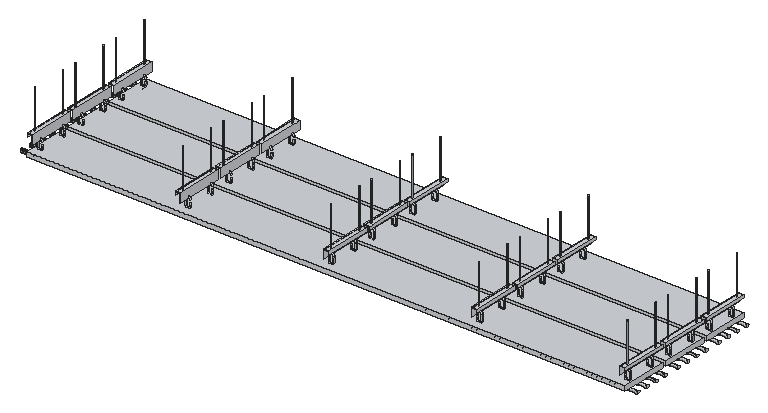
Revit family "INFRA_AQUA_ECO_TYPE_3", category Mechanical Equipment, Revit 2015
Parameters (values of type "Type 3 L=4000")
  Width_per_panel = 306 mm
  URL = "http://www.markclimate.co.uk/radiant-heating/water-supplied/infra-aqua-eco/"
  Total_panel_width [instance] = 968 mm
  Space_between_panels = 25 mm
  Product_serie = "INFRA AQUA ECO"  # constant formula
  Pipe_spacing = 75 mm
  Panelweight [instance] = 37.20 kg
  Panel_height = 42 mm
  Model = "Type 1"
  Material_index = 4
  Material = none
  Manufacturer = "MARK Climate Technology"  # constant formula
  Length = Material_index * 1000 mm  # 4000 mm
  Last_panel [instance] = no
  Ifc_Export_type = "RADIATOR"  # constant formula
  Ifc_Export_as = "IfcSpaceHeater"  # constant formula
  Ifc_Description = "Radiant heater, waterfed, type INFRA AQUA ECO"  # constant formula
  Hook_panel = 28.302 mm
  Heating_load = 0 W
  Hanger_downforce_per_anchor [instance] = 12.16 kN
  First_panel [instance] = no
  Description = "Radiant heater, waterfed, type INFRA AQUA ECO"  # constant formula
  Date_last_modification = ""
  Ceiling_height = 350 mm
Types (3, lengths in mm): name | Panelweight | Material_index | Material | Length | Hanger_downforce_per_anchor
  (no name) | 37.20 kg | 4 | none | 4000 | 12.16 kN
  Type 3 L=4000 | 37.20 kg | 4 | none | 4000 | 12.16 kN
  Type 3 L=6000 | 55.50 kg | 6 | Aluminium | 6000 | 18.15 kN
Reference planes
  plane 1 "Center (Front/Back)": y = -1
  plane 2: z = 0
  plane 3 "Center (Left/Right)": x = 0
  plane 4: z = -12
  plane 5: x = -1945
  plane 6: x = 1945
  plane 7: x = 2000
  plane 8: x = -2000
  plane 9: z = -11
  plane 10: y = -153
  plane 11: z = 30
  plane 12: y = -102.5
  plane 13: y = -122.5
  plane 14: y = -47.5
  plane 15: y = -27.5
  plane 16: y = 27.5
  plane 17: y = 47.5
  plane 18: y = 102.5
  plane 19: y = 122.5
  plane 20: z = 4
  plane 21: z = 58.302
  plane 22: y = 112.5
  plane 23: y = 37.5
  plane 24: y = -37.5
  plane 25: y = -112.5
  plane 26: z = -3.5
  plane 27: z = -11
  plane 28: z = 30
  plane 29: y = 227.5
  plane 30: y = 207.5
  plane 31: y = 282.5
  plane 32: y = 302.5
  plane 33: y = 357.5
  plane 34: y = 377.5
  plane 35: y = 432.5
  plane 36: y = 452.5
  plane 37: z = 4
  plane 38: z = 58.302
  plane 39: y = 442.5
  plane 40: y = 367.5
  plane 41: y = 292.5
  plane 42: y = 217.5
  plane 43: z = -3.5
  plane 44: y = 153
  plane 45: y = 330
  plane 46: y = -433.5
  plane 47: y = -453.5
  plane 48: y = -378.5
  plane 49: y = -358.5
  plane 50: y = -303.5
  plane 51: y = -283.5
  plane 52: y = -228.5
  plane 53: y = -208.5
  plane 54: z = 4
  plane 55: y = -218.5
  plane 56: y = -293.5
  plane 57: y = -368.5
  plane 58: y = -443.5
  plane 59: y = 483
  plane 60: y = -484
  plane 61: y = -178
  plane 62: y = 177
  plane 63: y = 484
  plane 64: y = 178
  plane 65: y = -178
  plane 66: y = -484
Forms (mm)
  Extrusion 1, solid
    sketch origin (0, 0, 0) x (0, 1, 0) y (0, 0, 1)
      loop
        circle (-112.5, -3.5) r 7.5
      loop
        circle (-37.5, -3.5) r 7.5
      loop
        circle (37.5, -3.5) r 7.5
      loop
        circle (112.5, -3.5) r 7.5
    from -2000 to 2000
  Extrusion 2, solid
    sketch origin (0, 330, 0) x (0, 1, 0) y (0, 0, 1)
      loop
        circle (-112.5, -3.5) r 7.5
      loop
        circle (-37.5, -3.5) r 7.5
      loop
        circle (37.5, -3.5) r 7.5
      loop
        circle (112.5, -3.5) r 7.5
    from -2000 to 2000
  Extrusion 3, solid
    sketch origin (0, -331, 0) x (0, 1, 0) y (0, 0, 1)
      loop
        circle (-112.5, -3.5) r 7.5
      loop
        circle (-37.5, -3.5) r 7.5
      loop
        circle (37.5, -3.5) r 7.5
      loop
        circle (112.5, -3.5) r 7.5
    from -2000 to 2000
  Extrusion 4, solid
    sketch origin (0, 0, 0) x (0, 1, 0) y (0, 0, 1)
      loop
        spline (-453.5, 0) -> (-453.159, -3.106) -> (-452.16, -6) -> (-450.571, -8.485) -> (-448.5, -10.392) -> (-446.088, -11.591) -> (-443.5, -12) -> (-440.912, -11.591) -> (-438.5, -10.392) -> (-436.429, -8.485) -> (-434.84, -6) -> (-433.841, -3.106) -> (-433.5, 0)
        line (-433.5, 0) -> (-378.5, 0)
        spline (-378.5, 0) -> (-378.159, -3.106) -> (-377.16, -6) -> (-375.571, -8.485) -> (-373.5, -10.392) -> (-371.088, -11.591) -> (-368.5, -12) -> (-365.912, -11.591) -> (-363.5, -10.392) -> (-361.429, -8.485) -> (-359.84, -6) -> (-358.841, -3.106) -> (-358.5, 0)
        line (-358.5, 0) -> (-303.5, 0)
        spline (-303.5, 0) -> (-303.159, -3.106) -> (-302.16, -6) -> (-300.571, -8.485) -> (-298.5, -10.392) -> (-296.088, -11.591) -> (-293.5, -12) -> (-290.912, -11.591) -> (-288.5, -10.392) -> (-286.429, -8.485) -> (-284.84, -6) -> (-283.841, -3.106) -> (-283.5, 0)
        line (-283.5, 0) -> (-228.5, 0)
        spline (-228.5, 0) -> (-228.159, -3.106) -> (-227.16, -6) -> (-225.571, -8.485) -> (-223.5, -10.392) -> (-221.088, -11.591) -> (-218.5, -12) -> (-215.912, -11.591) -> (-213.5, -10.392) -> (-211.429, -8.485) -> (-209.84, -6) -> (-208.841, -3.106) -> (-208.5, 0)
        line (-208.5, 0) -> (-178, 0) -> (-178, 30) -> (-484, 30) -> (-484, 0) -> (-453.5, 0)
      loop
        spline (-122.5, 0) -> (-122.159, -3.106) -> (-121.16, -6) -> (-119.571, -8.485) -> (-117.5, -10.392) -> (-115.088, -11.591) -> (-112.5, -12) -> (-109.912, -11.591) -> (-107.5, -10.392) -> (-105.429, -8.485) -> (-103.84, -6) -> (-102.841, -3.106) -> (-102.5, 0)
        line (-102.5, 0) -> (-47.5, 0)
        spline (-47.5, 0) -> (-47.159, -3.106) -> (-46.16, -6) -> (-44.571, -8.485) -> (-42.5, -10.392) -> (-40.088, -11.591) -> (-37.5, -12) -> (-34.912, -11.591) -> (-32.5, -10.392) -> (-30.429, -8.485) -> (-28.84, -6) -> (-27.841, -3.106) -> (-27.5, 0)
        line (-27.5, 0) -> (27.5, 0)
        spline (27.5, 0) -> (27.841, -3.106) -> (28.84, -6) -> (30.429, -8.485) -> (32.5, -10.392) -> (34.912, -11.591) -> (37.5, -12) -> (40.088, -11.591) -> (42.5, -10.392) -> (44.571, -8.485) -> (46.16, -6) -> (47.159, -3.106) -> (47.5, 0)
        line (47.5, 0) -> (102.5, 0)
        spline (102.5, 0) -> (102.841, -3.106) -> (103.84, -6) -> (105.429, -8.485) -> (107.5, -10.392) -> (109.912, -11.591) -> (112.5, -12) -> (115.088, -11.591) -> (117.5, -10.392) -> (119.571, -8.485) -> (121.16, -6) -> (122.159, -3.106) -> (122.5, 0)
        line (122.5, 0) -> (153, 0) -> (153, 30) -> (-153, 30) -> (-153, 0) -> (-122.5, 0)
      loop
        spline (207.5, 0) -> (207.841, -3.106) -> (208.84, -6) -> (210.429, -8.485) -> (212.5, -10.392) -> (214.912, -11.591) -> (217.5, -12) -> (220.088, -11.591) -> (222.5, -10.392) -> (224.571, -8.485) -> (226.16, -6) -> (227.159, -3.106) -> (227.5, 0)
        line (227.5, 0) -> (282.5, 0)
        spline (282.5, 0) -> (282.841, -3.106) -> (283.84, -6) -> (285.429, -8.485) -> (287.5, -10.392) -> (289.912, -11.591) -> (292.5, -12) -> (295.088, -11.591) -> (297.5, -10.392) -> (299.571, -8.485) -> (301.16, -6) -> (302.159, -3.106) -> (302.5, 0)
        line (302.5, 0) -> (357.5, 0)
        spline (357.5, 0) -> (357.841, -3.106) -> (358.84, -6) -> (360.429, -8.485) -> (362.5, -10.392) -> (364.912, -11.591) -> (367.5, -12) -> (370.088, -11.591) -> (372.5, -10.392) -> (374.571, -8.485) -> (376.16, -6) -> (377.159, -3.106) -> (377.5, 0)
        line (377.5, 0) -> (432.5, 0)
        spline (432.5, 0) -> (432.841, -3.106) -> (433.84, -6) -> (435.429, -8.485) -> (437.5, -10.392) -> (439.912, -11.591) -> (442.5, -12) -> (445.088, -11.591) -> (447.5, -10.392) -> (449.571, -8.485) -> (451.16, -6) -> (452.159, -3.106) -> (452.5, 0)
        line (452.5, 0) -> (484, 0) -> (484, 30) -> (178, 30) -> (178, 0) -> (207.5, 0)
    from -1945 to 1945
Dimensions and locks
  "Length": plane 8 to plane 7
  plane 8 to plane 5 = 55 mm
  locked: plane 6 to plane 7 at 55
  equal spacing: plane 5, plane 3 "Center (Left/Right)", plane 6
  "Hook_panel": plane 21 to plane 11
  equal spacing: nested 1, nested 3, nested 5, nested 4, nested 2
  "Panel_height": plane 11 to plane 4
  locked: plane 19 to plane 18 at 20
  locked: plane 17 to plane 16 at 20
  locked: plane 15 to plane 14 at 20
  locked: plane 12 to plane 13 at 20
  equal spacing: plane 20, plane 26, plane 9
  "Pipe_spacing": plane 23 to plane 22
  "Pipe_spacing": plane 23 to plane 24
  "Pipe_spacing": plane 24 to plane 25
  "Hook_panel": plane 38 to plane 28
  equal spacing: nested 10, nested 12, nested 14, nested 13, nested 11
  locked: plane 36 to plane 35 at 20
  locked: plane 34 to plane 33 at 20
  locked: plane 32 to plane 31 at 20
  locked: plane 29 to plane 30 at 20
  equal spacing: plane 37, plane 43, plane 27
  "Pipe_spacing": plane 41 to plane 42
  "Pipe_spacing": plane 40 to plane 41
  "Pipe_spacing": plane 39 to plane 40
  equal spacing: nested 19, nested 21, nested 23, nested 22, nested 20
  locked: plane 53 to plane 52 at 20
  locked: plane 51 to plane 50 at 20
  locked: plane 49 to plane 48 at 20
  locked: plane 46 to plane 47 at 20
  "Pipe_spacing": plane 57 to plane 58
  "Pipe_spacing": plane 56 to plane 57
  "Pipe_spacing": plane 56 to plane 55
  "Space_between_panels": plane 44 to plane 64
  "Width_per_panel": plane 65 to plane 66
  "Width_per_panel": plane 44 to plane 10
  "Width_per_panel": plane 63 to plane 64
  "Space_between_panels": plane 10 to plane 65
  plane 66 to plane 63 = 968 mm
  plane 25 to plane 55 = 106 mm
  plane 42 to plane 22 = 105 mm
  aligned and locked: level to plane 2
  aligned and locked: nested 2 to plane 21
  aligned and locked: plane 8 to nested 9
  aligned and locked: nested 8 to plane 8
  aligned and locked: plane 8 to nested 7
  aligned and locked: plane 8 to nested 6
  aligned and locked: Extrusion 1 to plane 7
  aligned and locked: plane 8 to Extrusion 1  (x10)
  aligned and locked: plane 25 to Extrusion 1 sketch curve  (x2)
  aligned and locked: plane 22 to Extrusion 1 sketch curve  (x2)
  aligned and locked: plane 23 to Extrusion 1 sketch curve  (x2)
  aligned and locked: plane 24 to Extrusion 1 sketch curve  (x2)
  aligned and locked: nested 6 to plane 25
  aligned and locked: nested 7 to plane 24
  aligned and locked: nested 8 to plane 23
  aligned and locked: plane 22 to nested 9
  aligned and locked: nested 11 to plane 38
  aligned and locked: plane 42 to Extrusion 2 sketch curve  (x2)
  aligned and locked: plane 39 to Extrusion 2 sketch curve  (x2)
  aligned and locked: plane 40 to Extrusion 2 sketch curve  (x2)
  aligned and locked: plane 41 to Extrusion 2 sketch curve  (x2)
  aligned and locked: nested 15 to plane 42
  aligned and locked: nested 16 to plane 41
  aligned and locked: nested 17 to plane 40
  aligned and locked: plane 39 to nested 18
  aligned and locked: plane 5 to nested 11  (x2)
  aligned and locked: plane 5 to nested 2  (x2)
  aligned and locked: plane 8 to Extrusion 2  (x8)
  aligned and locked: plane 6 to nested 1
  aligned and locked: plane 6 to nested 10
  aligned and locked: Extrusion 2 to plane 7
  aligned and locked: plane 7 to Extrusion 1  (x5)
  aligned and locked: nested 18 to plane 8
  aligned and locked: nested 17 to plane 8
  aligned and locked: nested 16 to plane 8
  aligned and locked: nested 15 to plane 8
  aligned and locked: plane 58 to Extrusion 3 sketch curve  (x2)
  aligned and locked: plane 55 to Extrusion 3 sketch curve  (x2)
  aligned and locked: plane 56 to Extrusion 3 sketch curve  (x2)
  aligned and locked: plane 57 to Extrusion 3 sketch curve  (x2)
  aligned and locked: nested 24 to plane 58
  aligned and locked: nested 25 to plane 57
  aligned and locked: nested 26 to plane 56
  aligned and locked: plane 55 to nested 27
  aligned and locked: Extrusion 4 to plane 6
  aligned and locked: Extrusion 4 to plane 5
  aligned and locked: Extrusion 4 to plane 66  (x2)
  aligned and locked: plane 65 to Extrusion 4
  aligned and locked: Extrusion 4 to plane 10
  aligned and locked: Extrusion 4 to plane 44
  aligned and locked: Extrusion 4 to plane 64  (x4)
  aligned and locked: Extrusion 4 to plane 63
  aligned and locked: plane 44 to Extrusion 4
  aligned and locked: nested 10 to plane 64
  aligned and locked: nested 1 to plane 44
  aligned and locked: nested 1 to plane 10
  aligned and locked: plane 65 to nested 19
  aligned and locked: nested 19 to plane 66
  aligned and locked: nested 10 to plane 63
  aligned and locked: plane 63 to Extrusion 4  (x2)
  aligned and locked: plane 7 to Extrusion 2  (x4)
  aligned and locked: plane 7 to Extrusion 3  (x3)
  aligned and locked: plane 6 to Extrusion 4  (x3)
  aligned and locked: nested 19 to plane 6
  aligned and locked: nested 1 to plane 6
  aligned and locked: nested 10 to plane 6
  aligned and locked: plane 8 to Extrusion 3  (x4)
  aligned and locked: nested 24 to plane 8
  aligned and locked: nested 25 to plane 8
  aligned and locked: nested 26 to plane 8
  aligned and locked: nested 27 to plane 8
  aligned and locked: plane 5 to Extrusion 4
  aligned and locked: nested 20 to plane 5
Automatic sketch dimensions
  Extrusion 1 sketch curve to Extrusion 1 sketch curve = 0 mm  (x4)
  Extrusion 1 sketch curve to plane 9 = 0 mm  (x4)
  Extrusion 1 sketch curve to plane 26 = 0 mm  (x4)
  Extrusion 2 sketch curve to Extrusion 2 sketch curve = 0 mm  (x4)
  plane 9 to Extrusion 2 sketch curve = 0 mm  (x4)
  plane 26 to Extrusion 2 sketch curve = 0 mm  (x4)
  Extrusion 3 sketch curve to Extrusion 3 sketch curve = 0 mm  (x4)
  Extrusion 3 sketch curve to plane 9 = 0 mm  (x4)
  Extrusion 3 sketch curve to plane 26 = 0 mm  (x4)
  Extrusion 4 sketch curve to level = 0 mm  (x3)
  plane 60 to Extrusion 4 sketch curve = 0 mm
  Extrusion 4 sketch curve to plane 47 = 0 mm
  Extrusion 4 sketch curve to plane 58 = 0 mm
  Extrusion 4 sketch curve to plane 48 = 0 mm
  Extrusion 4 sketch curve to plane 57 = 0 mm
  Extrusion 4 sketch curve to plane 50 = 0 mm
  Extrusion 4 sketch curve to plane 56 = 0 mm
  Extrusion 4 sketch curve to plane 52 = 0 mm
  Extrusion 4 sketch curve to plane 55 = 0 mm
  plane 61 to Extrusion 4 sketch curve = 0 mm
  Extrusion 4 sketch curve to plane 10 = 0 mm
  Extrusion 4 sketch curve to plane 13 = 0 mm
  Extrusion 4 sketch curve to plane 25 = 0 mm
  Extrusion 4 sketch curve to plane 14 = 0 mm
  Extrusion 4 sketch curve to plane 24 = 0 mm
  Extrusion 4 sketch curve to plane 16 = 0 mm
  Extrusion 4 sketch curve to plane 23 = 0 mm
  Extrusion 4 sketch curve to plane 18 = 0 mm
  Extrusion 4 sketch curve to plane 22 = 0 mm
  Extrusion 4 sketch curve to plane 11 = 0 mm  (x2)
  Extrusion 4 sketch curve to plane 44 = 0 mm
  Extrusion 4 sketch curve to plane 62 = 1 mm
  Extrusion 4 sketch curve to plane 30 = 0 mm
  Extrusion 4 sketch curve to plane 42 = 0 mm
  Extrusion 4 sketch curve to plane 31 = 0 mm
  Extrusion 4 sketch curve to plane 41 = 0 mm
  Extrusion 4 sketch curve to plane 33 = 0 mm
  Extrusion 4 sketch curve to plane 40 = 0 mm
  Extrusion 4 sketch curve to plane 35 = 0 mm
  Extrusion 4 sketch curve to plane 36 = 0 mm
  plane 59 to Extrusion 4 sketch curve = 1 mm
  plane 11 to Extrusion 4 sketch curve = 0 mm
Nested families
  nested 1: "NLRS_50_ME_WPB_ophanging Infra Aqua ECO_Mark" at (1928, 0, 43.302), Ceiling_height <- "Ceiling_height", type "1p"
    with artikelnummer "", Length 306 mm, GTIN_Code "", EAN_code "", Ceiling_height 350 mm
  nested 2: "NLRS_50_ME_WPB_ophanging Infra Aqua ECO_Mark" at (-1928, 0, 43.302) x (-1, 0, 0) z (0, 0, 1), Ceiling_height <- "Ceiling_height", type "1p"
    with artikelnummer "", Length 306 mm, GTIN_Code "", EAN_code "", Ceiling_height 350 mm
  nested 3: "NLRS_50_ME_WPB_ophanging Infra Aqua ECO_Mark" at (964, 0, 43.302), Ceiling_height <- "Ceiling_height", type "1p"
    with artikelnummer "", Length 306 mm, GTIN_Code "", EAN_code "", Ceiling_height 350 mm
  nested 4: "NLRS_50_ME_WPB_ophanging Infra Aqua ECO_Mark" at (-964, 0, 43.302) x (-1, 0, 0) z (0, 0, 1), Ceiling_height <- "Ceiling_height", type "1p"
    with artikelnummer "", Length 306 mm, GTIN_Code "", EAN_code "", Ceiling_height 350 mm
  nested 5: "NLRS_50_ME_WPB_ophanging Infra Aqua ECO_Mark" at (0, 0, 43.302), Ceiling_height <- "Ceiling_height", type "1p"
    with artikelnummer "", Length 306 mm, GTIN_Code "", EAN_code "", Ceiling_height 350 mm
  nested 6: "NLRS_50_PIF_UN_perskoppeling_MARK" at (-2000, -112.5, -3.5), type "ø15"
    with artikelnummer "", GTIN_Code "", EAN_code ""
  nested 7: "NLRS_50_PIF_UN_perskoppeling_MARK" at (-2000, -37.5, -3.5), type "ø15"
    with artikelnummer "", GTIN_Code "", EAN_code ""
  nested 8: "NLRS_50_PIF_UN_perskoppeling_MARK" at (-2000, 37.5, -3.5), type "ø15"
    with artikelnummer "", GTIN_Code "", EAN_code ""
  nested 9: "NLRS_50_PIF_UN_perskoppeling_MARK" at (-2000, 112.5, -3.5), type "ø15"
    with artikelnummer "", GTIN_Code "", EAN_code ""
  nested 10: "NLRS_50_ME_WPB_ophanging Infra Aqua ECO_Mark" at (1928, 331, 43.302), Ceiling_height <- "Ceiling_height", type "1p"
    with artikelnummer "", Length 306 mm, GTIN_Code "", EAN_code "", Ceiling_height 350 mm
  nested 11: "NLRS_50_ME_WPB_ophanging Infra Aqua ECO_Mark" at (-1928, 330, 43.302) x (-1, 0, 0) z (0, 0, 1), Ceiling_height <- "Ceiling_height", type "1p"
    with artikelnummer "", Length 306 mm, GTIN_Code "", EAN_code "", Ceiling_height 350 mm
  nested 12: "NLRS_50_ME_WPB_ophanging Infra Aqua ECO_Mark" at (964, 330, 43.302), Ceiling_height <- "Ceiling_height", type "1p"
    with artikelnummer "", Length 306 mm, GTIN_Code "", EAN_code "", Ceiling_height 350 mm
  nested 13: "NLRS_50_ME_WPB_ophanging Infra Aqua ECO_Mark" at (-964, 330, 43.302) x (-1, 0, 0) z (0, 0, 1), Ceiling_height <- "Ceiling_height", type "1p"
    with artikelnummer "", Length 306 mm, GTIN_Code "", EAN_code "", Ceiling_height 350 mm
  nested 14: "NLRS_50_ME_WPB_ophanging Infra Aqua ECO_Mark" at (0, 330, 43.302), Ceiling_height <- "Ceiling_height", type "1p"
    with artikelnummer "", Length 306 mm, GTIN_Code "", EAN_code "", Ceiling_height 350 mm
  nested 15: "NLRS_50_PIF_UN_perskoppeling_MARK" at (-2000, 217.5, -3.5), type "ø15"
    with artikelnummer "", GTIN_Code "", EAN_code ""
  nested 16: "NLRS_50_PIF_UN_perskoppeling_MARK" at (-2000, 292.5, -3.5), type "ø15"
    with artikelnummer "", GTIN_Code "", EAN_code ""
  nested 17: "NLRS_50_PIF_UN_perskoppeling_MARK" at (-2000, 367.5, -3.5), type "ø15"
    with artikelnummer "", GTIN_Code "", EAN_code ""
  nested 18: "NLRS_50_PIF_UN_perskoppeling_MARK" at (-2000, 442.5, -3.5), type "ø15"
    with artikelnummer "", GTIN_Code "", EAN_code ""
  nested 19: "NLRS_50_ME_WPB_ophanging Infra Aqua ECO_Mark" at (1928, -331, 43.302), Ceiling_height <- "Ceiling_height", type "1p"
    with artikelnummer "", Length 306 mm, GTIN_Code "", EAN_code "", Ceiling_height 350 mm
  nested 20: "NLRS_50_ME_WPB_ophanging Infra Aqua ECO_Mark" at (-1928, -330.5, 43.302) x (-1, 0, 0) z (0, 0, 1), Ceiling_height <- "Ceiling_height", type "1p"
    with artikelnummer "", Length 305 mm, GTIN_Code "", EAN_code "", Ceiling_height 350 mm
  nested 21: "NLRS_50_ME_WPB_ophanging Infra Aqua ECO_Mark" at (964, -331, 43.302), Ceiling_height <- "Ceiling_height", type "1p"
    with artikelnummer "", Length 306 mm, GTIN_Code "", EAN_code "", Ceiling_height 350 mm
  nested 22: "NLRS_50_ME_WPB_ophanging Infra Aqua ECO_Mark" at (-964, -331, 43.302) x (-1, 0, 0) z (0, 0, 1), Ceiling_height <- "Ceiling_height", type "1p"
    with artikelnummer "", Length 306 mm, GTIN_Code "", EAN_code "", Ceiling_height 350 mm
  nested 23: "NLRS_50_ME_WPB_ophanging Infra Aqua ECO_Mark" at (0, -331, 43.302), Ceiling_height <- "Ceiling_height", type "1p"
    with artikelnummer "", Length 306 mm, GTIN_Code "", EAN_code "", Ceiling_height 350 mm
  nested 24: "NLRS_50_PIF_UN_perskoppeling_MARK" at (-2000, -443.5, -3.5), type "ø15"
    with artikelnummer "", GTIN_Code "", EAN_code ""
  nested 25: "NLRS_50_PIF_UN_perskoppeling_MARK" at (-2000, -368.5, -3.5), type "ø15"
    with artikelnummer "", GTIN_Code "", EAN_code ""
  nested 26: "NLRS_50_PIF_UN_perskoppeling_MARK" at (-2000, -293.5, -3.5), type "ø15"
    with artikelnummer "", GTIN_Code "", EAN_code ""
  nested 27: "NLRS_50_PIF_UN_perskoppeling_MARK" at (-2000, -218.5, -3.5), type "ø15"
    with artikelnummer "", GTIN_Code "", EAN_code ""
Definition of nested family "NLRS_50_ME_WPB_ophanging Infra Aqua ECO_Mark"
  Parameters (values of type "3p")
    product_serie = ""
    Ceiling_height [instance] = 350 mm
    artikelnummer [instance] = ""
    Type Comments = ""
    Model = ""
    Material = none
    Length [instance] = 302 mm
    IfcExportType = ""
    IfcExportAs = ""
    IfcDescription = ""
    GTIN_Code [instance] = ""
    EAN_code [instance] = ""
    Distance_between_hooks = 180 mm
    Description = "Suspention set"  # constant formula
  Types (5, lengths in mm): name | Length
    1p | 302
    2p | 619
    3p | 302
    4p | 1283
    Std | 1283
  Reference planes
    plane 1 "Center (Front/Back)": y = 0
    plane 2: z = 0
    plane 3 "Center (Left/Right)": x = 0
    plane 4: y = 151
    plane 5: y = -151
    plane 6: y = 90
    plane 7: y = -90
  Forms (mm)
    Extrusion 1, solid
      sketch origin (0, 0, 0) x (1, 0, 0) y (0, 0, 1)
        loop
          line (-15, 40) -> (-15, 93) -> (15, 93) -> (15, 75) -> (17, 75) -> (17, 95) -> (-17, 95) -> (-17, 40) -> (-15, 40)
      from 151 to -151
    Extrusion 2, solid
      sketch origin (0, 0, 0) x (1, 0, 0) y (0, 1, 0)
        loop
          circle (0, 113.25) r 1.5
        loop
          circle (0, -113.25) r 1.5
      from 95 to 350
    Sweep 3, solid
      path origin (-34, 90, 1200) x (1, 0, 0) y (0, 0, 1)
        loop
          arc (3, -1165) -> (18, -1150) -> (33, -1165) r 15
          line (33, -1165) -> (33, -1205)
          arc (33, -1205) -> (18, -1220) -> (3, -1205) r 15
          line (3, -1205) -> (3, -1185)
      profile origin (-31, 90, 5) x (-1, 0, 0) y (0, -1, 0)
        loop
          circle (0, 0) r 3
    Sweep 4, solid
      path origin (-34, -90, 1200) x (1, 0, 0) y (0, 0, 1)
        loop
          arc (3, -1165) -> (18, -1150) -> (33, -1165) r 15
          line (33, -1165) -> (33, -1205)
          arc (33, -1205) -> (18, -1220) -> (3, -1205) r 15
          line (3, -1205) -> (3, -1185)
      profile origin (-31, -90, 5) x (1, 0, 0) y (0, 1, 0)
        loop
          circle (0, 0) r 3
  Text (mm)
    text "®  Itannex" at (-0.074, 40.744, 0), in view "Ref. Level"
  Dimensions and locks
    Extrusion 1 sketch curve to plane 2 = 40 mm
    Extrusion 1 sketch curve to Extrusion 1 sketch curve = 55 mm
    "Ceiling_height": Extrusion 2 to plane 2
    "Length": plane 5 to plane 4
    equal spacing: plane 4, plane 1 "Center (Front/Back)", plane 5
    plane 4 to Extrusion 2 sketch curve = 37.75 mm
    plane 5 to Extrusion 2 sketch curve = 37.75 mm
    "Distance_between_hooks": plane 6 to plane 7
    equal spacing: plane 6, plane 1 "Center (Front/Back)", plane 7
    aligned and locked: level to plane 2
    aligned and locked: plane 4 to Extrusion 1
    aligned and locked: plane 5 to Extrusion 1
  Automatic sketch dimensions
    Extrusion 1 sketch curve to plane 3 "Center (Left/Right)" = 17 mm
    Extrusion 1 sketch curve to Extrusion 1 sketch curve = 2 mm  (x3)
    plane 3 "Center (Left/Right)" to Extrusion 1 sketch curve = 15 mm
    Extrusion 1 sketch curve to Extrusion 1 sketch curve = 20 mm
    Extrusion 2 sketch curve to plane 3 "Center (Left/Right)" = 0 mm  (x2)
    Sweep 3 sketch curve to level = 5 mm
    Sweep 3 sketch curve to plane 3 "Center (Left/Right)" = 31 mm
    Sweep 3 sketch curve to Sweep 3 sketch curve = 15 mm  (x2)
    level to Sweep 3 sketch curve = 35 mm
    level to Sweep 3 sketch curve = 15 mm
    Sweep 3 sketch curve to profile plane = 0 mm
    profile plane to Sweep 3 sketch curve = 0 mm
    level to Sweep 4 sketch curve = 5 mm
    plane 3 "Center (Left/Right)" to Sweep 4 sketch curve = 31 mm
    Sweep 4 sketch curve to Sweep 4 sketch curve = 15 mm  (x2)
    Sweep 4 sketch curve to level = 35 mm
    Sweep 4 sketch curve to level = 15 mm
    Sweep 4 sketch curve to plane 7 = 0 mm
    Sweep 4 sketch curve to profile plane = 0 mm
    radius of Extrusion 2 sketch curve = 1.5 mm  (x2)
    radius of Sweep 3 sketch curve = 3 mm
    radius of Sweep 4 sketch curve = 3 mm
Definition of nested family "NLRS_50_PIF_UN_perskoppeling_MARK"
  Parameters (values of type "ø15")
    type_index = 0
    Radius = 7.5 mm
    product_serie = ""
    material_index = 0
    Lenght = 30 mm
    artikelnummer [instance] = ""
    Type Comments = ""
    NLRS_C_materiaal = none
    Model = "LOD400"
    Manufacturer = "Mark Climate Technology"  # constant formula
    IfcExportType = "UNION"  # constant formula
    IfcExportAs = "IfcPipeFitting"  # constant formula
    IfcDescription = Description  # "Press connection"
    GTIN_Code [instance] = ""
    EAN_code [instance] = ""
    Description = "Press connection"  # constant formula
    Date_last_modification = ""
  Reference planes
    plane 1 "Center (Front/Back)": y = 0
    plane 2: z = 0
    plane 3 "Center (Left/Right)": x = 0
  Forms (mm)
    Revolve 1, solid, material <- "NLRS_C_materiaal"
      sketch origin (0, 0, 0) x (1, 0, 0) y (0, 1, 0)
        loop
          line (-15, 7.5) -> (15, 7.5) -> (15, 9)
          arc (15, 9) -> (14, 10) -> (13, 9) r 1
          line (13, 9) -> (13, 8) -> (0.5, 8) -> (0.5, 9)
          arc (0.5, 9) -> (0, 9.5) -> (-0.5, 9) r 0.5
          line (-0.5, 9) -> (-0.5, 8) -> (-13, 8) -> (-13, 9)
          arc (-13, 9) -> (-14, 10) -> (-15, 9) r 1
          line (-15, 9) -> (-15, 7.5)
        axis (-15, 0) -> (15, 0)
      angle from 0 to 360
  Text (mm)
    text "®  Itannex" at (-0.074, 40.744, 0), in view "Ref. Level"
  Dimensions and locks
    "Radius": plane 1 "Center (Front/Back)" to Revolve 1 sketch curve
    Revolve 1 sketch curve to Revolve 1 sketch curve = 0.5 mm
    equal spacing: Revolve 1 sketch curve, plane 3 "Center (Left/Right)", Revolve 1 sketch curve
    Revolve 1 sketch curve to Revolve 1 sketch curve = 1.5 mm  (x3)
    "Lenght": Revolve 1 sketch curve to Revolve 1 sketch curve
    aligned and locked: level to plane 2
  Automatic sketch dimensions
    plane 1 "Center (Front/Back)" to Revolve 1 sketch curve = 0 mm
    Revolve 1 sketch curve to plane 3 "Center (Left/Right)" = 0 mm
    Revolve 1 sketch curve to Revolve 1 sketch curve = 1 mm  (x2)
    Revolve 1 sketch curve to plane 3 "Center (Left/Right)" = 0.5 mm
    Revolve 1 sketch curve to Revolve 1 sketch curve = 2 mm
    Revolve 1 sketch curve to Revolve 1 sketch curve = 3.224 mm
    Revolve 1 sketch curve to Revolve 1 sketch curve = 5.775 mm
